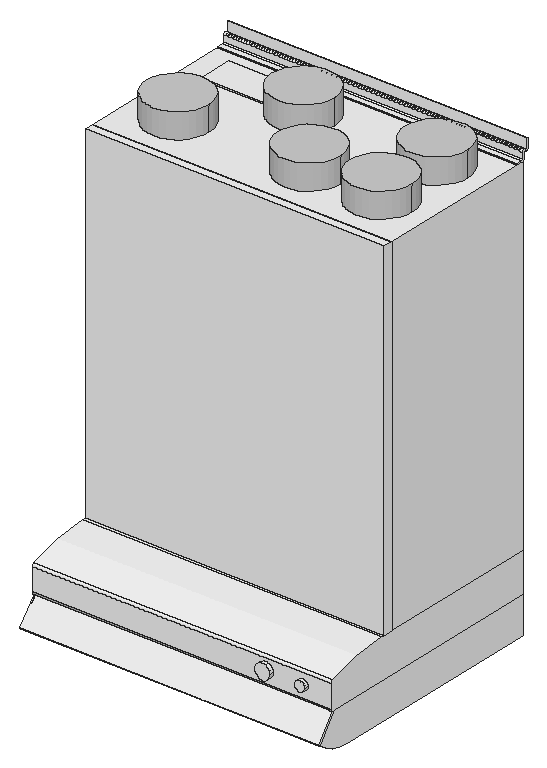
Revit family "BLAUBERG-KOMFORT_Roto_EC_S2 200_SE2 200", category Mechanical Equipment, Revit 2019
Family settings
  Round Connector Dimension = Use Diameter
  Classification = None
  Part Type = Normal
  OmniClass Number = 23.75.35.14
  OmniClass Title = Air Handling Units
  Work Plane-Based = No
  Always vertical = Yes
  Cut with Voids When Loaded = No
  Shared = No
  Room Calculation Point = No
Parameters (values of type "KOMFORT Roto EC S2 200 S21")
  dLFeets = 25 mm
  dBFeets = 65 mm
  Weight = 47.00 kg
  Standard Service Side [instance] = yes
  ServiceDoorB = 18.5 mm  # constant formula
  Service Side 2 [instance] = Standard Service Side  # yes
  Service Side 1 [instance] = not(Standard Service Side)  # no
  Maintenance Zone Side 2 [instance] = if(Maintenance Zone, (if(not(Standard Service Side), 1 = 1, 1 = 0)), 1 = 0)  # no
  Maintenance Zone Side 1 [instance] = if(Maintenance Zone, (if(Standard Service Side, 1 = 1, 1 = 0)), 1 = 0)  # no
  Leveling Feets [instance] = not([Kitchen Hood (Optional)])  # no
  Kitchen Hood Side2 [instance] = if([Kitchen Hood (Optional)], if(Standard Service Side, 1 = 0, 1 = 1), 1 = 0)  # no
  Kitchen Hood Side1 [instance] = if([Kitchen Hood (Optional)], if(Standard Service Side, 1 = 1, 1 = 0), 1 = 0)  # yes
  Kitchen Hood (Optional) [instance] = yes
  Heater power = 0 W
  Plastic Material = Polypropylene Black
  Maximum Unit Power Without Electric Heater = 118 W
  Maximum Unit Current Without Electric Heater = 1 A
  Maximum Unit Current With Electric Heater = 1 A
  Leveling Feets Height Calc [instance] = if(Leveling Feets Height < 23 mm, 23 mm, Leveling Feets Height)  # 23 mm
  Leveling Feets Height [instance] = 23 mm
  L4 = 268 mm
  L3 = 144 mm
  L2 = 264 mm
  L1 = 95 mm
  Heat Exchanger Material = "aluminium"
  HDuctCon = 50 mm  # constant formula
  H = 700 mm
  Front Maintenance Zone Width = H  # 700 mm
  Front Maintenance Zone Length = L  # 600 mm
  ElConB = 75 mm
  ElConA = 105 mm
  ElBoxB = 70 mm
  ElBoxA = 125 mm
  B4 = B - ServiceDoorB  # 329.5 mm
  B2 = 95 mm
  Air Flow Kitchen Hood [instance] = 0 m³/h
  Air Flow Factor [instance] = 1  # constant formula
  B1 = 95 mm
  Air Flow Exhaust Total [instance] = Air Flow Exhaust + Air Flow Kitchen Hood  # 0 m³/h
  Air Flow Exhaust [instance] = 0 m³/h
  L = 600 mm
  Voltage = 230 V
  URL = "https://blaubergventilatoren.de/ru/product/komfort-roto-ec-s2-200-s21"
  Type Comments = "Air Handling Unit KOMFORT Roto EC S2 200 S21"
  Transported Air Temperature (°C) = "-25…+40"
  Supply Air Filter = "G4, F7"
  Sound Pressure Level at 3 m (dBA) = 28
  SEC Class = "A"
  RPM (min-1) = 1800
  Power Factor = 1
  Power = Maximum Unit Power Without Electric Heater + Heater power  # 118 W
  Number of Poles = 1
  Model = "KOMFORT Roto EC S2 200 S21"
  Maximum Air Flow = 270 m³/h
  Manufacturer = "Blauberg"
  Maintenance Zone Material = Maintenance Zone
  Front Maintenance Zone Height = 1000 mm
  Maintenance Zone [instance] = no
  Load Classification = HVAC
  B = 348 mm
  Heat recovery efficiency (%) = "75..92"
  Heat Exchanger Type = "rotary"
  Metal Material = Metal Zinc
  Family Version = "1.0"  # constant formula
  Extract Air Filter = "G4"
  Duct Connection Diameter = 125 mm
  Description = "Air Handling Unit"
  D = Duct Connection Diameter  # 125 mm
  Current = Maximum Unit Current With Electric Heater  # 1 A
  Copyright = "©Blauberg"
  Casing Material = Painted Steel White
  Apparent Power [instance] = Power / Power Factor  # 118 VA
  Air Flow Supply [instance] = 0 m³/h
Types (2, lengths in mm): name | Weight | Heater power | Maximum Unit Current With Electric Heater | URL | Type Comments | Power | Model | Current | Apparent Power
  KOMFORT Roto EC S2 200 S21 | 47.00 kg | 0 W | 1 A | "https://blaubergventilatoren.de/ru/product/komfort-roto-ec-s2-200-s21" | "Air Handling Unit KOMFORT Roto EC S2 200 S21" | 118 W | "KOMFORT Roto EC S2 200 S21" | 1 A | 118 VA
  KOMFORT Roto EC S2E 200 S21 | 48.00 kg | 700 W | 4 A | "https://blaubergventilatoren.de/ru/product/komfort-roto-ec-s2e200-s21" | "Air Handling Unit KOMFORT Roto EC S2E 200 S21" | 818 W | "KOMFORT Roto EC S2E 200 S21" | 4 A | 818 VA
Reference planes
  plane 1 "Center (Front/Back)": y = 0
  plane 2: z = 0
  plane 3 "Center (Left/Right)": x = 0
  plane 4 "Right": x = 300
  plane 5 "Front": y = -164.75
  plane 6 "Left": x = -300
  plane 7 "Top": z = 723
  plane 8 "Back": y = 164.75
  plane 9 "DuctConL1": x = -205
  plane 10 "DuctConL2": x = 59
  plane 11 "DuctConB1": y = 69.75
  plane 12 "DuctConB2": y = -69.75
  plane 13 "DuctConB3": z = 773
  plane 14 "DuctConB4": z = 725
  plane 15 "Bottom": z = 23
  plane 16 "FeetsL1": x = -275
  plane 17 "FeetsL2": x = 275
  plane 18 "FeetsB1": y = 99.75
  plane 19 "FeetsB2": y = -99.75
  plane 20: y = 0
  plane 21 "ElConA": x = -195
  plane 22 "DuctConL3": x = 203
  plane 23 "DuctConL5": x = -65
  plane 24: x = -257.5
  plane 25: x = -132.5
  plane 26: y = 124.75
  plane 27: y = 54.75
  plane 28 "ElConB": y = 89.75
  plane 29 "FilterCoverL1": x = -224
  plane 30 "FilterCoverL2": x = 40
  plane 31 "ServiceDoorBack": y = 183.25
  plane 32 "ServiceDoorFront": y = -183.25
Forms (mm)
  Extrusion 1, solid, material "Painted Steel White" <- "Casing Material", detail levels medium+fine
    sketch origin (0, 377, 23) x (-1, 0, 0) y (0, -1, 0)
      loop
        line (300, 212.25) -> (300, 541.75) -> (-300, 541.75) -> (-300, 212.25) -> (300, 212.25)
    from 0 to 700
  Extrusion 2, solid, material "Metal Zinc" <- "Metal Material", detail levels medium+fine
    sketch origin (0, 0, 723) x (-1, 0, 0) y (0, -1, 0)
      loop
        circle (205, 69.75) r 62.5
      loop
        circle (-59, 69.75) r 62.5
      loop
        circle (-203, 69.75) r 62.5
      loop
        circle (-203, -69.75) r 62.5
      loop
        circle (65, -69.75) r 62.5
    from 0 to 50
  Extrusion 3, solid, material "Painted Steel White" <- "Casing Material", detail levels medium+fine
    sketch origin (0, 0, 723) x (-1, 0, 0) y (0, -1, 0)
      loop
        line (257.5, -124.75) -> (257.5, -54.75) -> (132.5, -54.75) -> (132.5, -124.75) -> (257.5, -124.75)
    from 0 to 2
  Extrusion 4, solid, material "Painted Steel White" <- "Casing Material", visible <- "Service Side 2", detail levels medium+fine
    sketch origin (0, -164.75, 0) x (-1, 0, 0) y (0, 0, 1)
      loop
        line (300, 723) -> (-300, 723) -> (-300, 23) -> (300, 23) -> (300, 723)
    from 0 to -18.5
  Extrusion 5, solid, material "Painted Steel White" <- "Casing Material", visible <- "Service Side 1", detail levels medium+fine
    sketch origin (0, 164.75, 0) x (-1, 0, 0) y (0, 0, 1)
      loop
        line (300, 723) -> (-300, 723) -> (-300, 23) -> (300, 23) -> (300, 723)
    from 0 to 18.5
Lines and regions (mm)
  model lines, detail levels coarse
    curve 1: line (-300, -164.75, 723) -> (-300, 164.75, 723)
    curve 2: line (300, -164.75, 723) -> (-300, -164.75, 723)
    curve 3: line (300, 164.75, 723) -> (300, -164.75, 723)
    curve 4: line (-300, -164.75, 23) -> (-300, 164.75, 23)
    curve 5: line (300, -164.75, 23) -> (-300, -164.75, 23)
    curve 6: line (300, 164.75, 23) -> (300, -164.75, 23)
    curve 7: line (-300, -164.75, 723) -> (300, -164.75, 723)
    curve 8: line (-300, -164.75, 23) -> (-300, -164.75, 723)
    curve 9: line (300, -164.75, 23) -> (-300, -164.75, 23)
    curve 10: line (300, -164.75, 723) -> (300, -164.75, 23)
    curve 11: line (-300, -164.75, 723) -> (-300, -164.75, 23)
    curve 12: line (300, -164.75, 723) -> (300, -164.75, 23)
    curve 13: line (-205, -69.75, 773) -> (-205, -69.75, 723)
    curve 14: line (59, -69.75, 773) -> (59, -69.75, 723)
    curve 15: line (-300, 164.75, 23) -> (300, 164.75, 23)
    curve 16: line (-300, 164.75, 723) -> (300, 164.75, 723)
    curve 17: line (-300, 164.75, 723) -> (-300, 164.75, 23)
    curve 18: line (300, 164.75, 723) -> (300, 164.75, 23)
    curve 19: line (-65, 69.75, 773) -> (-65, 69.75, 723)
    curve 20: line (203, 69.75, 773) -> (203, 69.75, 723)
    curve 21: line (203, -69.75, 773) -> (203, -69.75, 723)
Dimensions and locks
  "B4": plane 8 "Back" to plane 5 "Front"
  equal spacing: plane 6 "Left", plane 3 "Center (Left/Right)", plane 4 "Right"
  "L": plane 6 "Left" to plane 4 "Right"
  "dBFeets": plane 8 "Back" to plane 18 "FeetsB1"
  "dBFeets": plane 19 "FeetsB2" to plane 5 "Front"
  "dLFeets": plane 6 "Left" to plane 16 "FeetsL1"
  "dLFeets": plane 17 "FeetsL2" to plane 4 "Right"
  "Leveling Feets Height Calc": plane 15 "Bottom" to level
  "HDuctCon": plane 13 "DuctConB3" to plane 7 "Top"
  "H": plane 7 "Top" to plane 15 "Bottom"
  "ElConA": plane 6 "Left" to plane 21 "ElConA"
  "B1": plane 12 "DuctConB2" to plane 5 "Front"
  "B2": plane 8 "Back" to plane 11 "DuctConB1"
  "L1": plane 6 "Left" to plane 9 "DuctConL1"
  "L2": plane 9 "DuctConL1" to plane 10 "DuctConL2"
  "L3": plane 10 "DuctConL2" to plane 22 "DuctConL3"
  "L4": plane 23 "DuctConL5" to plane 22 "DuctConL3"
  equal spacing: plane 24, plane 21 "ElConA", plane 25
  "ElBoxA": plane 24 to plane 25
  "ElConB": plane 8 "Back" to plane 28 "ElConB"
  equal spacing: plane 26, plane 28 "ElConB", plane 27
  "ElBoxB": plane 26 to plane 27
  plane 6 "Left" to plane 29 "FilterCoverL1" = 76 mm
  plane 6 "Left" to plane 30 "FilterCoverL2" = 340 mm
  equal spacing: plane 8 "Back", plane 1 "Center (Front/Back)", plane 5 "Front"
  locked: plane 7 "Top" to plane 14 "DuctConB4" at 2
  "ServiceDoorB": plane 31 "ServiceDoorBack" to plane 8 "Back"
  "ServiceDoorB": plane 5 "Front" to plane 32 "ServiceDoorFront"
  "D": diameter of Extrusion 2 sketch curve  (x5)
  aligned and locked: level to plane 2
  aligned and locked: plane 16 "FeetsL1" to nested 1
  aligned and locked: nested 1 to plane 18 "FeetsB1"
  aligned and locked: plane 17 "FeetsL2" to nested 2
  aligned and locked: nested 2 to plane 18 "FeetsB1"
  aligned and locked: nested 3 to plane 19 "FeetsB2"
  aligned and locked: plane 17 "FeetsL2" to nested 3
  aligned and locked: plane 16 "FeetsL1" to nested 4
  aligned and locked: nested 4 to plane 19 "FeetsB2"
  aligned and locked: Extrusion 1 sketch curve to plane 8 "Back"
  aligned and locked: plane 6 "Left" to Extrusion 1 sketch curve
  aligned and locked: plane 5 "Front" to Extrusion 1 sketch curve
  aligned and locked: Extrusion 1 sketch curve to plane 4 "Right"
  aligned and locked: plane 7 "Top" to Extrusion 1
  aligned and locked: plane 3 "Center (Left/Right)" to nested 5
  aligned and locked: nested 5 to plane 7 "Top"
  aligned and locked: curve 2 to Extrusion 1
  aligned and locked: curve 4 to curve 1
  aligned and locked: curve 5 to curve 2
  aligned and locked: curve 6 to nested 5
  aligned and locked: curve 8 to Extrusion 1
  aligned and locked: curve 10 to Extrusion 1
  aligned and locked: curve 11 to plane 5 "Front"
  aligned and locked: curve 12 to plane 5 "Front"
  aligned and locked: curve 13 to plane 12 "DuctConB2"
  aligned and locked: plane 12 "DuctConB2" to curve 14
  aligned and locked: plane 13 "DuctConB3" to curve 14
  aligned and locked: plane 13 "DuctConB3" to curve 13
  aligned and locked: plane 7 "Top" to curve 13
  aligned and locked: plane 7 "Top" to curve 14
  aligned and locked: plane 8 "Back" to curve 3
  aligned and locked: plane 8 "Back" to curve 6
  aligned and locked: plane 6 "Left" to curve 15
  aligned and locked: curve 15 to plane 8 "Back"
  aligned and locked: plane 4 "Right" to curve 16
  aligned and locked: plane 6 "Left" to curve 16
  aligned and locked: curve 16 to plane 8 "Back"
  aligned and locked: plane 20 to plane 1 "Center (Front/Back)"
  aligned and locked: plane 13 "DuctConB3" to Extrusion 2
  aligned and locked: Extrusion 3 sketch curve to plane 26
  aligned and locked: plane 24 to Extrusion 3 sketch curve
  aligned and locked: plane 27 to Extrusion 3 sketch curve
  aligned and locked: Extrusion 3 sketch curve to plane 25
  aligned and locked: plane 14 "DuctConB4" to Extrusion 3
  aligned and locked: plane 3 "Center (Left/Right)" to nested 6
  aligned and locked: nested 6 to plane 7 "Top"
  aligned and locked: plane 3 "Center (Left/Right)" to nested 8
  aligned and locked: plane 7 "Top" to curve 17
  aligned and locked: plane 15 "Bottom" to curve 17
  aligned and locked: plane 7 "Top" to curve 18
  aligned and locked: plane 15 "Bottom" to curve 18
  aligned and locked: plane 8 "Back" to curve 17
  aligned and locked: plane 8 "Back" to curve 18
  aligned and locked: plane 13 "DuctConB3" to curve 19
  aligned and locked: plane 13 "DuctConB3" to curve 20
  aligned and locked: plane 7 "Top" to curve 20
  aligned and locked: plane 7 "Top" to curve 19
  aligned and locked: curve 19 to plane 23 "DuctConL5"
  aligned and locked: curve 20 to plane 22 "DuctConL3"
  aligned and locked: plane 13 "DuctConB3" to curve 21
  aligned and locked: plane 7 "Top" to curve 21
  aligned and locked: curve 21 to plane 22 "DuctConL3"
  aligned and locked: Extrusion 4 sketch curve to curve 2
  aligned and locked: Extrusion 4 sketch curve to curve 8
  aligned and locked: Extrusion 4 sketch curve to curve 5
  aligned and locked: Extrusion 4 sketch curve to curve 10
  aligned and locked: Extrusion 5 sketch curve to curve 2
  aligned and locked: Extrusion 5 sketch curve to curve 8
  aligned and locked: Extrusion 5 sketch curve to curve 5
  aligned and locked: Extrusion 5 sketch curve to curve 10
  aligned and locked: plane 31 "ServiceDoorBack" to Extrusion 5
  aligned and locked: Extrusion 4 to plane 32 "ServiceDoorFront"
  aligned and locked: nested 8 to plane 8 "Back"
  aligned and locked: plane 5 "Front" to nested 7
  aligned and locked: plane 3 "Center (Left/Right)" to nested 9
  aligned and locked: nested 10 to plane 5 "Front"
  aligned and locked: nested 10 to plane 3 "Center (Left/Right)"
  aligned and locked: plane 8 "Back" to nested 9
Automatic sketch dimensions
  curve 11 to plane 15 "Bottom" = 0 mm
  curve 11 to plane 7 "Top" = 0 mm
  curve 12 to plane 15 "Bottom" = 0 mm
  curve 12 to plane 7 "Top" = 0 mm
  curve 10 to plane 15 "Bottom" = 0 mm
  curve 7 to plane 7 "Top" = 0 mm
  Extrusion 2 sketch curve to plane 12 "DuctConB2" = 0 mm  (x3)
  Extrusion 2 sketch curve to plane 22 "DuctConL3" = 0 mm  (x2)
  Extrusion 2 sketch curve to plane 11 "DuctConB1" = 0 mm  (x2)
  Extrusion 2 sketch curve to plane 10 "DuctConL2" = 0 mm
  Extrusion 2 sketch curve to plane 23 "DuctConL5" = 0 mm
  Extrusion 2 sketch curve to plane 9 "DuctConL1" = 0 mm
Nested families
  nested 1: "LevellingFeet" at (-275, 99.75, 0), visible <- "Leveling Feets", type "LevellingFeet", detail levels medium+fine
  nested 2: "LevellingFeet" at (275, 99.75, 0), visible <- "Leveling Feets", type "LevellingFeet", detail levels medium+fine
  nested 3: "LevellingFeet" at (275, -99.75, 0), visible <- "Leveling Feets", type "LevellingFeet", detail levels medium+fine
  nested 4: "LevellingFeet" at (-275, -99.75, 0), visible <- "Leveling Feets", type "LevellingFeet", detail levels medium+fine
  nested 5: "MaintenanceZone_Rect" at (0, -183.25, 373) x (1, 0, 0) z (0, 1, 0), visible <- "Maintenance Zone Side 1", type "Front", detail levels medium+fine
    with Maintenance Zone Width 700 mm, Maintenance Zone Length 600 mm, Maintenance Zone Height 1000 mm
  nested 6: "MaintenanceZone_Rect" at (0, 183.25, 373) x (1, 0, 0) z (0, -1, 0), visible <- "Maintenance Zone Side 2", type "Front", detail levels medium+fine
    with Maintenance Zone Width 700 mm, Maintenance Zone Length 600 mm, Maintenance Zone Height 1000 mm
  nested 7: "MountingPlate3" at (0, -164.75, 723) x (-1, 0, 0) z (0, 0, 1), visible <- "Service Side 1", type "MountingPlate3", detail levels medium+fine
    with Lenght 600 mm
  nested 8: "MountingPlate3" at (0, 164.75, 723), visible <- "Service Side 2", type "MountingPlate3", detail levels medium+fine
    with Lenght 600 mm
  nested 9: "KitchenHood" at (0, 164.75, 23), visible <- "Kitchen Hood Side1", type "KitchenHood", detail levels medium+fine
  nested 10: "KitchenHood" at (0, -164.75, 23) x (-1, 0, 0) z (0, 0, 1), visible <- "Kitchen Hood Side2", type "KitchenHood", detail levels medium+fine
Connectors
  hvac at (-205, -69.75, 773), driven by "Duct Connection Diameter", driven by "Air Flow Supply"
    settings: on Extrusion 2, index 1, duct flow 0 m³/h, flow factor 0, pres drop 0.0 Pa, loss coef 0, conn angle 0.00°, conn width 304.8 mm, conn height 304.8 mm, conn diameter 125 mm, duct sys type 1, conn prof type 0, flow config 0, flow direction 2, loss method 0, conn ref index -1, conn util no, is conn primary yes, conn desc "Supply Air"
  hvac at (-65, 69.75, 773), driven by "Duct Connection Diameter", driven by "Air Flow Supply"
    settings: on Extrusion 2, index 2, duct flow 0 m³/h, flow factor 0, pres drop 0.0 Pa, loss coef 0, conn angle 0.00°, conn width 304.8 mm, conn height 304.8 mm, conn diameter 125 mm, duct sys type 1, conn prof type 0, flow config 1, flow direction 1, loss method 0, conn ref index -1, conn util no, is conn primary no, conn desc "Intake Air"
  hvac at (203, 69.75, 773), driven by "Duct Connection Diameter", driven by "Air Flow Exhaust Total"
    settings: on Extrusion 2, index 3, duct flow 0 m³/h, flow factor 0, pres drop 0.0 Pa, loss coef 0, conn angle 0.00°, conn width 304.8 mm, conn height 304.8 mm, conn diameter 125 mm, duct sys type 3, conn prof type 0, flow config 1, flow direction 2, loss method 0, conn ref index -1, conn util no, is conn primary no, conn desc "Exhaust Air"
  hvac at (203, -69.75, 773), driven by "Duct Connection Diameter", driven by "Air Flow Kitchen Hood"
    settings: on Extrusion 2, index 4, duct flow 0 m³/h, flow factor 0, pres drop 0.0 Pa, loss coef 0, conn angle 0.00°, conn width 304.8 mm, conn height 304.8 mm, conn diameter 125 mm, duct sys type 3, conn prof type 0, flow config 0, flow direction 1, loss method 0, conn ref index -1, conn util no, is conn primary no, conn desc "Kitchen Hood Air (optional)"
  hvac at (59, -69.75, 773), driven by "Duct Connection Diameter", driven by "Air Flow Exhaust"
    settings: on Extrusion 2, index 5, duct flow 0 m³/h, flow factor 0, pres drop 0.0 Pa, loss coef 0, conn angle 0.00°, conn width 304.8 mm, conn height 304.8 mm, conn diameter 125 mm, duct sys type 3, conn prof type 0, flow config 0, flow direction 1, loss method 0, conn ref index -1, conn util no, is conn primary no, conn desc "Extract Air"
  electrical at (-195, 89.75, 725), driven by "Number of Poles", driven by "Load Classification", driven by "Voltage", driven by "Apparent Power", driven by "Power Factor"
    settings: on Extrusion 3, index 6, voltage 230 V, apparent load 118 VA, apparent load phase1 0 VA, apparent load phase2 0 VA, apparent load phase3 0 VA, power factor 1, load classification "HVAC", number of poles 1, system type 30, power factor state 1, is connector primary yes, connector utility no, sub classification motor no, connector description ""
Definition of nested family "LevellingFeet"
  Parameters (values of type "LevellingFeet")
    r2 = d2 / 2  # 9 mm
    r1 = d1 / 2  # 12 mm
    h2 = 15 mm
    h1 = 6 mm
    d3 = 8 mm
    d2 = 18 mm
    d1 = 24 mm
    R = D / 2  # 20.5 mm
    Material = none
    H = 23 mm
    Default Elevation = 1219.2 mm
    D = 41 mm
  Reference planes
    plane 1 "Center (Front/Back)": y = 0
    plane 2: z = 0
    plane 3 "Center (Left/Right)": x = 0
    plane 4: z = 6
    plane 5: x = -9
    plane 6: x = -20.5
    plane 7: x = -12
    plane 8: z = 21
    plane 9: z = 23
  Forms (mm)
    Revolve 1, solid, material <- "Material"
      sketch origin (0, 0, 0) x (1, 0, 0) y (0, 0, 1)
        loop
          line (0, 21) -> (-9, 21) -> (-11.354, 9.228)
          arc (-11.354, 9.228) -> (-12.746, 6.91) -> (-15.292, 6) r 4.016
          line (-15.292, 6) -> (-18.541, 6)
          arc (-18.541, 6) -> (-19.926, 5.426) -> (-20.5, 4.041) r 1.959
          line (-20.5, 4.041) -> (-20.5, 0) -> (0, 0) -> (0, 21)
        axis (0, 21) -> (0, 0)
      angle from 0 to 360
    Extrusion 2, solid, material <- "Material"
      sketch origin (0, 0, 0) x (1, 0, 0) y (0, 1, 0)
        loop
          circle (0, 0) r 4
      from 23 to 6
  Cuts and joins
    joined: Revolve 1, Extrusion 2
  Dimensions and locks
    "r2": plane 3 "Center (Left/Right)" to plane 5
    "R": plane 3 "Center (Left/Right)" to plane 6
    "r1": plane 3 "Center (Left/Right)" to plane 7
    "h2": plane 8 to plane 4
    "h1": plane 4 to level
    "H": plane 9 to level
    "d3": diameter of Extrusion 2 sketch curve
    aligned and locked: level to plane 2
    aligned and locked: Revolve 1 sketch curve to plane 3 "Center (Left/Right)"
    aligned and locked: plane 8 to Revolve 1 sketch curve
    aligned and locked: Extrusion 2 to plane 4
    aligned and locked: plane 9 to Extrusion 2
    aligned and locked: cut or joined group of Revolve 1, Extrusion 2 to level
  Automatic sketch dimensions
    Revolve 1 sketch curve to level = 0 mm
    Revolve 1 sketch curve to plane 6 = 0 mm
    Revolve 1 sketch curve to plane 4 = 0 mm
    Revolve 1 sketch curve to plane 5 = 0 mm
    Revolve 1 sketch curve to plane 3 "Center (Left/Right)" = 0 mm
    plane 6 to Revolve 1 sketch curve = 1.959 mm
    Revolve 1 sketch curve to plane 7 = 3.292 mm
    plane 7 to Revolve 1 sketch curve = 0.646 mm
    plane 4 to Revolve 1 sketch curve = 3.228 mm
    Revolve 1 sketch curve to level = 336.045 mm
    plane 9 to Revolve 1 sketch curve = 2172.315 mm
    plane 1 "Center (Front/Back)" to Extrusion 2 sketch curve = 0 mm
    Extrusion 2 sketch curve to plane 3 "Center (Left/Right)" = 0 mm
Definition of nested family "MaintenanceZone_Rect"
  Parameters (values of type "MaintenanceZone_Rect")
    Maintenance Zone Width = 500 mm
    Material = none
    Maintenance Zone Length = 1000 mm
    Maintenance Zone Height = 300 mm
    Family Version = ""
    Default Elevation = 1219.2 mm
    Copyright = ""
  Reference planes
    plane 1 "Center (Front/Back)": y = 0
    plane 2: z = 0
    plane 3 "Center (Left/Right)": x = 0
    plane 4: x = -500
    plane 5: x = 500
    plane 6: y = 250
    plane 7: y = -250
    plane 8: z = -300
  Forms (mm)
    Extrusion 1, solid, material <- "Material", detail levels medium+fine
      sketch origin (0, 0, 0) x (1, 0, 0) y (0, 1, 0)
        loop
          line (-500, 250) -> (-500, -250) -> (500, -250) -> (500, 250) -> (-500, 250)
      from 0 to -300
  Lines and regions (mm)
    symbolic lines, detail levels medium+fine
      curve 1: line (-500, 0, 0) -> (500, 0, 0)
      curve 2: line (-500, 0, -300) -> (-500, 0, 0)
      curve 3: line (500, 0, -300) -> (-500, 0, -300)
      curve 4: line (500, 0, 0) -> (500, 0, -300)
      curve 5: line (0, 250, 0) -> (0, -250, 0)
      curve 6: line (0, 250, -300) -> (0, 250, 0)
      curve 7: line (0, -250, -300) -> (0, 250, -300)
      curve 8: line (0, -250, 0) -> (0, -250, -300)
      curve 9: line (-500, 250, 0) -> (500, 250, 0)
      curve 10: line (-500, -250, 0) -> (-500, 250, 0)
      curve 11: line (500, -250, 0) -> (-500, -250, 0)
      curve 12: line (500, 250, 0) -> (500, -250, 0)
  Dimensions and locks
    equal spacing: plane 6, plane 1 "Center (Front/Back)", plane 7
    equal spacing: plane 4, plane 3 "Center (Left/Right)", plane 5
    "Maintenance Zone Width": plane 6 to plane 7
    "Maintenance Zone Length": plane 4 to plane 5
    "Maintenance Zone Height": plane 2 to plane 8
    aligned and locked: level to plane 2
    aligned and locked: Extrusion 1 sketch curve to plane 6
    aligned and locked: plane 4 to Extrusion 1 sketch curve
    aligned and locked: plane 7 to Extrusion 1 sketch curve
    aligned and locked: Extrusion 1 sketch curve to plane 5
    aligned and locked: Extrusion 1 to plane 8
    aligned and locked: curve 1 to Extrusion 1
    aligned and locked: curve 2 to Extrusion 1
    aligned and locked: curve 3 to Extrusion 1
    aligned and locked: curve 4 to Extrusion 1
    aligned and locked: curve 5 to Extrusion 1
    aligned and locked: curve 6 to Extrusion 1
    aligned and locked: curve 7 to Extrusion 1
    aligned and locked: curve 8 to Extrusion 1
    aligned and locked: curve 9 to Extrusion 1
    aligned and locked: curve 10 to Extrusion 1
    aligned and locked: curve 11 to Extrusion 1
    aligned and locked: curve 12 to Extrusion 1
Definition of nested family "MountingPlate3"
  Parameters (values of type "MountingPlate3")
    Material = none
    Lenght = 500 mm
    Default Elevation = 1219.2 mm
  Reference planes
    plane 1 "Center (Front/Back)": y = 0
    plane 2: z = 0
    plane 3 "Center (Left/Right)": x = 0
    plane 4: x = -250
    plane 5: x = 250
    plane 6: y = -15
    plane 7: z = 38
    plane 8: y = 11.5
  Forms (mm)
    Extrusion 1, solid, material <- "Material"
      sketch origin (0, 0, 0) x (0, 1, 0) y (0, 0, 1)
        loop
          line (-15, 0) -> (-2, 0)
          arc (-2, 0) -> (0.828, 1.172) -> (2, 4) r 4
          line (2, 4) -> (2, 17.239)
          arc (2, 17.239) -> (2.55, 18.132) -> (3.594, 18.043) r 1
          line (3.594, 18.043) -> (6.717, 15.735)
          arc (6.717, 15.735) -> (9.851, 15.469) -> (11.5, 18.148) r 3
          line (11.5, 18.148) -> (11.5, 38) -> (9.5, 38) -> (9.5, 18.089)
          arc (9.5, 18.089) -> (8.951, 17.196) -> (7.906, 17.284) r 1
          line (7.906, 17.284) -> (4.782, 19.591)
          arc (4.782, 19.591) -> (1.648, 19.855) -> (0, 17.177) r 3
          line (0, 17.177) -> (0, 4)
          arc (0, 4) -> (-0.586, 2.586) -> (-2, 2) r 2
          line (-2, 2) -> (-15, 2) -> (-15, 0)
      from -250 to 250
  Dimensions and locks
    equal spacing: plane 4, plane 3 "Center (Left/Right)", plane 5
    "Lenght": plane 4 to plane 5
    aligned and locked: level to plane 2
    aligned and locked: Extrusion 1 to plane 4
    aligned and locked: plane 5 to Extrusion 1
    aligned and locked: plane 1 "Center (Front/Back)" to Extrusion 1 sketch curve
  Automatic sketch dimensions
    Extrusion 1 sketch curve to Extrusion 1 sketch curve = 0 mm  (x3)
    Extrusion 1 sketch curve to level = 0 mm
    Extrusion 1 sketch curve to plane 6 = 0 mm
    plane 1 "Center (Front/Back)" to Extrusion 1 sketch curve = 2 mm
    Extrusion 1 sketch curve to plane 1 "Center (Front/Back)" = 2 mm
    Extrusion 1 sketch curve to Extrusion 1 sketch curve = 3 mm
    Extrusion 1 sketch curve to Extrusion 1 sketch curve = 1.782 mm
    Extrusion 1 sketch curve to Extrusion 1 sketch curve = 1 mm  (x2)
    Extrusion 1 sketch curve to Extrusion 1 sketch curve = 0.594 mm  (x2)
    Extrusion 1 sketch curve to Extrusion 1 sketch curve = 3.123 mm
    Extrusion 1 sketch curve to Extrusion 1 sketch curve = 1.189 mm
    Extrusion 1 sketch curve to Extrusion 1 sketch curve = 2 mm
    Extrusion 1 sketch curve to Extrusion 1 sketch curve = 13.239 mm
    Extrusion 1 sketch curve to Extrusion 1 sketch curve = 2.308 mm
    Extrusion 1 sketch curve to Extrusion 1 sketch curve = 1.549 mm
    Extrusion 1 sketch curve to Extrusion 1 sketch curve = 0.062 mm
    Extrusion 1 sketch curve to plane 7 = 0 mm
Definition of nested family "KitchenHood"
  Parameters (values of type "KitchenHood")
    W2 = 510 mm
    W1 = 480 mm
    Material = none
    L1 = 600 mm
    H2 = 73 mm
    H1 = 80 mm
    Default Elevation = 1219.2 mm
  Reference planes
    plane 1 "Center (Front/Back)": y = 0
    plane 2: z = 0
    plane 3 "Center (Left/Right)": x = 0
    plane 4: y = -480
    plane 5 "Left": x = -300
    plane 6 "Right": x = 300
    plane 7: z = -80
    plane 8: z = -153
    plane 9: y = -510
  Forms (mm)
    Extrusion 1, solid, material <- "Material"
      sketch origin (0, 0, 0) x (0, 1, 0) y (0, 0, 1)
        loop
          line (0, 0) -> (-355, 0)
          arc (-355, 0) -> (-417.141, -6.102) -> (-476.908, -24.175) r 319.462
          arc (-476.908, -24.175) -> (-479.156, -26.016) -> (-480, -28.797) r 5
          line (-480, -28.797) -> (-480, -75)
          arc (-480, -75) -> (-478.536, -78.536) -> (-475, -80) r 5
          line (-475, -80) -> (0, -80) -> (0, 0)
      from -300 to 300
    Extrusion 2, solid, material <- "Material"
      sketch origin (-300, 0, 0) x (0, 1, 0) y (0, 0, 1)
        loop
          line (0, -80) -> (-473.773, -80) -> (-510, -127.177)
          arc (-510, -127.177) -> (-477.306, -146.338) -> (-440, -153) r 107.788
          line (-440, -153) -> (0, -153) -> (0, -80)
      from 0 to 2
    Extrusion 3, solid, material <- "Material"
      sketch origin (300, 0, 0) x (0, 1, 0) y (0, 0, 1)
        loop
          line (0, -80) -> (-473.773, -80) -> (-510, -127.177)
          arc (-510, -127.177) -> (-477.306, -146.338) -> (-440, -153) r 107.788
          line (-440, -153) -> (0, -153) -> (0, -80)
      from 0 to -2
    Extrusion 4, solid, material <- "Material"
      sketch origin (0, 0, 0) x (1, 0, 0) y (0, 1, 0)
        loop
          line (-298, 0) -> (-298, -2) -> (298, -2) -> (298, 0) -> (-298, 0)
      from -80 to -153
    Extrusion 5, solid, material <- "Material"
      sketch origin (-300, -499.961, -114.104) x (0, -0.60904, -0.793139) y (1, 0, 0)
        loop
          line (-42.998, 0) -> (16.629, 0) -> (16.629, 600) -> (-42.998, 600) -> (-42.998, 0)
      from 0 to 2
    Extrusion 6, solid, material <- "Material"
      sketch origin (-12.5, 0, -12.5) x (1, 0, 0) y (0, 0, 1)
        loop
          circle (254.849, -38.133) r 10
      from 461.641 to 487.745
    Extrusion 7, solid, material <- "Material"
      sketch origin (-87.5, 0, -12.5) x (1, 0, 0) y (0, 0, 1)
        loop
          circle (254.849, -38.133) r 15
      from 461.641 to 487.745
  Cuts and joins
    joined: Extrusion 1, Extrusion 5, Extrusion 6, Extrusion 7
  Dimensions and locks
    equal spacing: plane 5 "Left", plane 3 "Center (Left/Right)", plane 6 "Right"
    "L1": plane 5 "Left" to plane 6 "Right"
    "W1": plane 4 to plane 1 "Center (Front/Back)"
    "H1": level to plane 7
    "H2": plane 7 to plane 8
    "W1": plane 1 "Center (Front/Back)" to plane 4
    "W2": plane 1 "Center (Front/Back)" to plane 9
    aligned and locked: level to plane 2
    aligned and locked: level to Extrusion 1 sketch curve
    aligned and locked: Extrusion 1 sketch curve to plane 1 "Center (Front/Back)"
    aligned and locked: Extrusion 1 sketch curve to plane 7
    aligned and locked: plane 4 to Extrusion 1 sketch curve
    aligned and locked: Extrusion 2 sketch curve to Extrusion 1  (x2)
    aligned and locked: Extrusion 2 sketch curve to plane 8
    aligned and locked: plane 6 "Right" to Extrusion 1
    aligned and locked: Extrusion 1 to plane 5 "Left"
    aligned and locked: Extrusion 2 to Extrusion 4 sketch curve
    aligned and locked: Extrusion 2 to Extrusion 4
    aligned and locked: Extrusion 4 to Extrusion 1
  Automatic sketch dimensions
    Extrusion 1 sketch curve to plane 4 = 5 mm  (x2)
    Extrusion 1 sketch curve to Extrusion 1 sketch curve = 120 mm
    Extrusion 1 sketch curve to plane 8 = 166.462 mm
    Extrusion 1 sketch curve to level = 28.797 mm
    Extrusion 2 sketch curve to plane 9 = 0 mm
    Extrusion 2 sketch curve to plane 4 = 6.227 mm
    Extrusion 2 sketch curve to plane 4 = 40 mm
    Extrusion 2 sketch curve to Extrusion 2 sketch curve = 47.177 mm
    Extrusion 3 sketch curve to plane 9 = 0 mm
    Extrusion 3 sketch curve to plane 7 = 0 mm
    Extrusion 3 sketch curve to plane 8 = 0 mm
    Extrusion 3 sketch curve to plane 1 "Center (Front/Back)" = 0 mm
    Extrusion 3 sketch curve to plane 4 = 6.227 mm
    Extrusion 3 sketch curve to plane 4 = 40 mm
    Extrusion 3 sketch curve to Extrusion 3 sketch curve = 47.177 mm
    plane 5 "Left" to Extrusion 4 sketch curve = 2 mm
    Extrusion 4 sketch curve to plane 6 "Right" = 2 mm
    Extrusion 4 sketch curve to Extrusion 4 sketch curve = 2 mm
    Extrusion 2 to Extrusion 5 sketch curve = 0 mm
    Extrusion 5 sketch curve to Extrusion 2 = 0 mm
    Extrusion 2 to Extrusion 5 sketch curve = 0.146 mm
    Extrusion 5 sketch curve to Extrusion 2 = 598 mm
    Extrusion 6 sketch curve to plane 6 "Right" = 57.651 mm
    plane 7 to Extrusion 6 sketch curve = 29.367 mm
    plane 7 to Extrusion 7 sketch curve = 29.367 mm
    Extrusion 7 sketch curve to plane 6 "Right" = 132.651 mm
    radius of Extrusion 6 sketch curve = 10 mm
    radius of Extrusion 7 sketch curve = 15 mm
